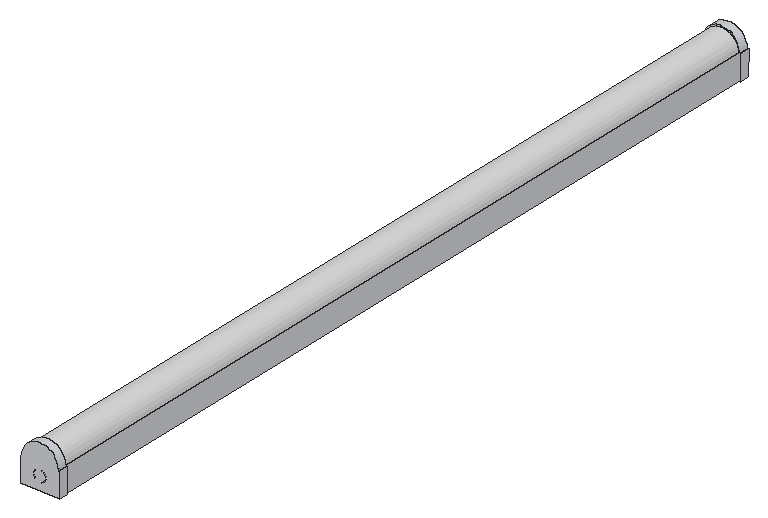
Revit family "0048930", category Lighting Fixtures, host Face, Revit 2017
Family settings
  Host = Face
  Round Connector Dimension = Use Diameter
  Part Type = Normal
  OmniClass Number = 23.80.70.00
  OmniClass Title = Lighting
  Cut with Voids When Loaded = No
  Light Source = Yes
  Shared = No
  Room Calculation Point = No
Parameters (values of type "0048930 WAYLINE 1500 5200LM 840 EM")
  Weight = "8.56 kg"
  Wattage Comments = ""
  Wattage = 41 W
  WarrantyStartDate [instance] = "n/a"
  WarrantyGuarantorParts = "n/a"
  WarrantyDurationUnit = "n/a"
  WarrantyDurationParts = "n/a"
  WarrantyDescription = "n/a"
  WIDTH/2_SYL = 35 mm
  built-in parameter 1150110 = 1 (stored number, unit not read)
  Voltage = 0 V
  URL = "http://www.sylvania-lighting.com"
  TypeName = "Wayline 1500 5200lm 840 EM"
  Type Image = <None>
  Type Comments = "n/a"
  built-in parameter 1114217 = 1 (stored number, unit not read)
  Tilt Angle = -90.00°
  built-in parameter 1150109 = 1 (stored number, unit not read)
  built-in parameter 1150134 = 12
  built-in parameter 1150113 = 1 (stored number, unit not read)
  SerialNumber [instance] = "n/a"
  R_HEIGHT_SYL = 44 mm
  Photometric Web File = "0048930.ies"
  Material_3_SYL = none
  PowerFactor = 1
  PowerConsumption = "41 W"
  NominalLength = 1523 mm
  NominalHeight = 76.5 mm
  NominalDepth = 70 mm
  Name = "Wayline 1500 5200lm 840 EM"
  ModelReference = Name  # "Wayline 1500 5200lm 840 EM"
  ModelNumber = "48930"
  Model = Name  # "Wayline 1500 5200lm 840 EM"
  Material = "steel housing, pc polycarbonate diffuser"
  ManufacturerName = "Feilo Sylvania"
  Manufacturer = "Feilo Sylvania"
  LuminousEfficacy = "127 lm/W"
  built-in parameter 1150105 = -7018723.6 (stored number, unit not read)
  Lumens = 5207 lm
  LuminaireType = ""
  built-in parameter 1150115 = 1 (stored number, unit not read)
  LightOutputRatio = "n/a"
  built-in parameter 1150137 = (empty or 0)
  built-in parameter 1150139 = (empty or 0)
  LampsType = Lamp  # "LED"
  LampNominalLuminous = "5200 lm"
  LampMacAdamStep = "5"
  LampColourTemperature = "4000 K"
  LampColourRenderingIndex = "80"
  built-in parameter 1150112 = 1 (stored number, unit not read)
  built-in parameter 1150114 = 1 (stored number, unit not read)
  Lamp = "LED"
  LUM_R_SYL = 30 mm
  Keynote = "16500"
  InstallationDate [instance] = "n/a"
  InputVoltage = "n/a"
  InputNominalFrequency = "n/a"
  built-in parameter 1150132 = (empty or 0)
  built-in parameter 1150102 = (empty or 0)
  built-in parameter 1150107 = 4000 (stored number, unit not read)
  built-in parameter 1150138 = (empty or 0)
  IngressProtection = "IP20"
  ImpactProtectionIndex = "IK08"
  built-in parameter 1150106 = -70187.2 (stored number, unit not read)
  IfcExportType = "IfcLightFixtureType"
  IfcExportAs = "IfcLightFixtureType"
  HOLE_HEIGHT_SYL = 24 mm
  HEIGHT_SYL = 76.5 mm
  GAP_SYL = 2.5 mm
  Emit from Circle Diameter = 609.6 mm
  Emit Shape Visible in Rendering = no
  ElectricShockClassification = "Class I"
  built-in parameter 1150104 = 11.799 (stored number, unit not read)
  DocumentationLiterature = "http://www.sylvania-lighting.com/product/en-int/products/0048930"
  DimmingControlOptions = "n/a"
  Material_2_SYL = none
  Dimming Lamp Color Temperature Shift = <None>
  Description = "LED batten, T8 replacement, ease of installation through 2 part push-in design of the housing (safety cable included), through wiring capability, steel housing, 5200lm, 41W, 127lm/W, 4000K, CRI80, 3 step MacAdam ellipse, symmetric wide beam angle, Class I, 90000 hrs L80B20 lifespan, non-dimmable driver, 3-hour maintained emergency batteries, IK08, IP20, 1523 x 70 x 76.5mm  (L x W x H) dimensions, 2.14kg."
  Default Elevation = 1219.2 mm
  CreatedOn = "5/25/2021"
  CreatedBy = "@sylvania-lighting.com"
  Cost = 0
  Color Filter = 16777215
  built-in parameter 1114216 [instance] = (empty or 0)
  ClassificationValue = "EF_70_80"
  ClassificationName = "Uniclass2015"
  Material_1_SYL = Dynamo
  BarCode [instance] = "n/a"
  built-in parameter 1114218 = 1 (stored number, unit not read)
  built-in parameter 1150133 = 10 (stored number, unit not read)
  AssetType = "Fixed"
  AssetIdentifier [instance] = "n/a"
  Assembly Code = "D5020200"
  Apparent Load = 41 VA
  Material_4_SYL = none
Types (8, lengths in mm): name | Weight | Wattage | TypeName | Photometric Web File | PowerFactor | PowerConsumption | Name | ModelReference | ModelNumber | Model | LuminousEfficacy | built-in parameter 1150105 | Lumens | LampNominalLuminous | built-in parameter 1150106 | built-in parameter 1150104 | DocumentationLiterature | Description | Apparent Load
  0048954 WAYLINE 1500 MWCOR 5200LM 840 | "8.28 kg" | 38 W | "Wayline 1500 MWCOR 5200lm 840" | "0048954.ies" | 0.9 | "38 W" | "Wayline 1500 MWCOR 5200lm 840" | "Wayline 1500 MWCOR 5200lm 840" | "48954" | "Wayline 1500 MWCOR 5200lm 840" | "137 lm/W" | -7017375.6 (stored number, unit not read) | 5206 lm | "5200 lm" | -70173.8 (stored number, unit not read) | 12.728 (stored number, unit not read) | "http://www.sylvania-lighting.com/product/en-int/products/0048954" | "LED batten, T8 replacement, ease of installation through 2 part push-in design of the housing (safety cable included), through wiring capability, steel housing, 5200lm, 38W, 137lm/W, 4000K, CRI80, 3 step MacAdam ellipse, symmetric wide beam angle, Class I, 90000 hrs L80B20 lifespan, non-dimmable driver, corridor function with microwave presence sensor, IK08, IP20, 1523 x 70 x 76.5mm  (L x W x H) dimensions, 2.07kg." | 38 VA
  0048935 WAYLINE 1500 MW 8400LM 840 | "7.76 kg" | 61 W | "Wayline 1500 MW 8400lm 840" | "0048935.ies" | 0.9 | "61 W" | "Wayline 1500 MW 8400lm 840" | "Wayline 1500 MW 8400lm 840" | "48935" | "Wayline 1500 MW 8400lm 840" | "138 lm/W" | -18329689.9 (stored number, unit not read) | 8418 lm | "8400 lm" | -183296.9 (stored number, unit not read) | 12.821 (stored number, unit not read) | "http://www.sylvania-lighting.com/product/en-int/products/0048935" | "LED batten, T8 replacement, ease of installation through 2 part push-in design of the housing (safety cable included), through wiring capability, steel housing, 8400lm, 61W, 138lm/W, 4000K, CRI80, 3 step MacAdam ellipse, symmetric wide beam angle, Class I, 90000 hrs L80B20 lifespan, non-dimmable driver, MW sensor for 360° detection up to 8m range at 6m mounting height, IK08, IP20, 1523 x 70 x 76.5mm (LxWxD) dimensions, 1.94kg weight." | 61 VA
  0048934 WAYLINE 1500 MW 5200LM 840 | "7.16 kg" | 37 W | "Wayline 1500 MW 5200lm 840" | "0048934.ies" | 0.9 | "37 W" | "Wayline 1500 MW 5200lm 840" | "Wayline 1500 MW 5200lm 840" | "48934" | "Wayline 1500 MW 5200lm 840" | "141 lm/W" | -7032203 (stored number, unit not read) | 5217 lm | "5200 lm" | -70322 (stored number, unit not read) | 13.099 (stored number, unit not read) | "http://www.sylvania-lighting.com/product/en-int/products/0048934" | "LED batten, T8 replacement, ease of installation through 2 part push-in design of the housing (safety cable included), through wiring capability, steel housing, 5200lm, 37W, 141lm/W, 4000K, CRI80, 3 step MacAdam ellipse, symmetric wide beam angle, Class I, 90000 hrs L80B20 lifespan, non-dimmable driver, MW sensor for 360° detection up to 8m range at 6m mounting height, IK08, IP20, 1523 x 70 x 76.5mm (LxWxD) dimensions, 1.79kg weight." | 37 VA
  0048931 WAYLINE 1500 8400LM 840 EM | "9.16 kg" | 64 W | "Wayline 1500 8400lm 840 EM" | "0048931.ies" | 1 | "64 W" | "Wayline 1500 8400lm 840 EM" | "Wayline 1500 8400lm 840 EM" | "48931" | "Wayline 1500 8400lm 840 EM" | "131 lm/W" | -18255657 (stored number, unit not read) | 8384 lm | "8400 lm" | -182556.6 (stored number, unit not read) | 12.17 (stored number, unit not read) | "http://www.sylvania-lighting.com/product/en-int/products/0048931" | "LED batten, T8 replacement, ease of installation through 2 part push-in design of the housing (safety cable included), through wiring capability, steel housing, 8400lm, 64W, 131lm/W, 4000K, CRI80, 3 step MacAdam ellipse, symmetric wide beam angle, Class I, 90000 hrs L80B20 lifespan, non-dimmable driver, 3-hour maintained emergency batteries, IK08, IP20, 1523 x 70 x 76.5mm  (L x W x H) dimensions, 2.29kg." | 64 VA
  0048930 WAYLINE 1500 5200LM 840 EM | "8.56 kg" | 41 W | "Wayline 1500 5200lm 840 EM" | "0048930.ies" | 1 | "41 W" | "Wayline 1500 5200lm 840 EM" | "Wayline 1500 5200lm 840 EM" | "48930" | "Wayline 1500 5200lm 840 EM" | "127 lm/W" | -7018723.6 (stored number, unit not read) | 5207 lm | "5200 lm" | -70187.2 (stored number, unit not read) | 11.799 (stored number, unit not read) | "http://www.sylvania-lighting.com/product/en-int/products/0048930" | "LED batten, T8 replacement, ease of installation through 2 part push-in design of the housing (safety cable included), through wiring capability, steel housing, 5200lm, 41W, 127lm/W, 4000K, CRI80, 3 step MacAdam ellipse, symmetric wide beam angle, Class I, 90000 hrs L80B20 lifespan, non-dimmable driver, 3-hour maintained emergency batteries, IK08, IP20, 1523 x 70 x 76.5mm  (L x W x H) dimensions, 2.14kg." | 41 VA
  0048927 WAYLINE 1500 DALI 8300LM 840 | "8.0 kg" | 60 W | "Wayline 1500 DALI 8300lm 840" | "0048927.ies" | 0.9 | "60 W" | "Wayline 1500 DALI 8300lm 840" | "Wayline 1500 DALI 8300lm 840" | "48927" | "Wayline 1500 DALI 8300lm 840" | "138 lm/W" | -17814585.6 (stored number, unit not read) | 8280 lm | "8300 lm" | -178145.9 (stored number, unit not read) | 12.821 (stored number, unit not read) | "http://www.sylvania-lighting.com/product/en-int/products/0048927" | "LED batten, T8 replacement, ease of installation through 2 part push-in design of the housing (safety cable included), through wiring capability, steel housing, 8300lm, 60W, 138lm/W, 4000K, CRI80, 3 step MacAdam ellipse, symmetric wide beam angle, Class I, 90000 hrs L80B20 lifespan, DALI dimmable driver, IK08, IP20, 1523 x 70 x 76.5mm (LxWxD) dimensions, 2kg weight." | 60 VA
  0048926 WAYLINE 1500 DALI 5200LM 840 | "8.0 kg" | 37 W | "Wayline 1500 DALI 5200lm 840" | "0048926.ies" | 0.9 | "37 W" | "Wayline 1500 DALI 5200lm 840" | "Wayline 1500 DALI 5200lm 840" | "48926" | "Wayline 1500 DALI 5200lm 840" | "141 lm/W" | -7032203 (stored number, unit not read) | 5217 lm | "5200 lm" | -70322 (stored number, unit not read) | 13.099 (stored number, unit not read) | "http://www.sylvania-lighting.com/product/en-int/products/0048926" | "LED batten, T8 replacement, ease of installation through 2 part push-in design of the housing (safety cable included), through wiring capability, steel housing, 5200lm, 37W, 141lm/W, 4000K, CRI80, 3 step MacAdam ellipse, symmetric wide beam angle, Class I, 90000 hrs L80B20 lifespan, DALI dimmable driver, IK08, IP20, 1523 x 70 x 76.5mm (LxWxD) dimensions, 2kg weight." | 37 VA
  0048955 WAYLINE 1500 MWCOR 8300LM 840 | "8.28 kg" | 61 W | "Wayline 1500 MWCOR 8300lm 840" | "0048955.ies" | 0.9 | "61 W" | "Wayline 1500 MWCOR 8300lm 840" | "Wayline 1500 MWCOR 8300lm 840" | "48955" | "Wayline 1500 MWCOR 8300lm 840" | "136 lm/W" | -17849009.9 (stored number, unit not read) | 8296 lm | "8300 lm" | -178490.1 (stored number, unit not read) | 12.635 (stored number, unit not read) | "http://www.sylvania-lighting.com/product/en-int/products/0048955" | "LED batten, T8 replacement, ease of installation through 2 part push-in design of the housing (safety cable included), through wiring capability, steel housing, 8300lm, 61W, 136lm/W, 4000K, CRI80, 3 step MacAdam ellipse, symmetric wide beam angle, Class I, 90000 hrs L80B20 lifespan, non-dimmable driver, corridor function with microwave presence sensor, IK08, IP20, 1523 x 70 x 76.5mm  (L x W x H) dimensions, 2.07kg." | 61 VA
Reference planes
  plane 1 "Center (Front/Back)": y = 0
  plane 2: z = 0
  plane 3 "Center (Left/Right)": x = 0
  plane 4: z = 76.5
  plane 5: x = -35
  plane 6: x = 35
  plane 7: z = 44
  plane 8: x = -32.5
  plane 9: x = 32.5
  plane 10: z = 24
  plane 11: x = 2.5
  plane 12: x = -2.5
  plane 13: z = 26.5
  plane 14: z = 21.5
  plane 15: z = 74
Forms (mm)
  Extrusion 1, solid
    sketch origin (0, 0, 0) x (1, 0, 0) y (0, 0, 1)
      loop
        arc (32.5, 44) -> (0, 76.5) -> (-32.5, 44) r 32.5
        line (-32.5, 44) -> (-35, 44) -> (-35, 0) -> (35, 0) -> (35, 44) -> (32.5, 44)
      loop
        line (2.5, 34.712) -> (2.5, 33.682)
        arc (2.5, 33.682) -> (7.071, 31.071) -> (9.682, 26.5) r 10
        line (9.682, 26.5) -> (10.712, 26.5)
        arc (10.712, 26.5) -> (7.778, 31.778) -> (2.5, 34.712) r 11
      loop
        line (-2.5, 33.682) -> (-2.5, 34.712)
        arc (-2.5, 34.712) -> (-7.778, 31.778) -> (-10.712, 26.5) r 11
        line (-10.712, 26.5) -> (-9.682, 26.5)
        arc (-9.682, 26.5) -> (-7.071, 31.071) -> (-2.5, 33.682) r 10
      loop
        line (-9.682, 21.5) -> (-10.712, 21.5)
        arc (-10.712, 21.5) -> (-7.778, 16.222) -> (-2.5, 13.288) r 11
        line (-2.5, 13.288) -> (-2.5, 14.318)
        arc (-2.5, 14.318) -> (-7.071, 16.929) -> (-9.682, 21.5) r 10
      loop
        line (2.5, 14.318) -> (2.5, 13.288)
        arc (2.5, 13.288) -> (7.778, 16.222) -> (10.712, 21.5) r 11
        line (10.712, 21.5) -> (9.682, 21.5)
        arc (9.682, 21.5) -> (7.071, 16.929) -> (2.5, 14.318) r 10
    from 745.5 to 761.5
  Extrusion 2, solid, material "Dynamo" <- "Material_1_SYL"
    sketch origin (0, 0, 0) x (1, 0, 0) y (0, 0, 1)
      loop
        line (-30, 44) -> (30, 44)
        arc (30, 44) -> (0, 74) -> (-30, 44) r 30
    from -745.5 to 745.5
  Extrusion 3, solid
    sketch origin (0, 0, 0) x (1, 0, 0) y (0, 0, 1)
      loop
        line (-32.5, 44) -> (-32.5, 0) -> (32.5, 0) -> (32.5, 44) -> (-32.5, 44)
    from -745.5 to 745.5
  Extrusion 4, solid
    sketch origin (0, 0, 0) x (1, 0, 0) y (0, 0, -1)
      loop
        line (32.5, -44) -> (35, -44) -> (35, 0) -> (-35, 0) -> (-35, -44) -> (-32.5, -44)
        arc (-32.5, -44) -> (0, -76.5) -> (32.5, -44) r 32.5
      loop
        arc (2.5, -34.712) -> (7.778, -31.778) -> (10.712, -26.5) r 11
        line (10.712, -26.5) -> (9.682, -26.5)
        arc (9.682, -26.5) -> (7.071, -31.071) -> (2.5, -33.682) r 10
        line (2.5, -33.682) -> (2.5, -34.712)
      loop
        arc (-2.5, -33.682) -> (-7.071, -31.071) -> (-9.682, -26.5) r 10
        line (-9.682, -26.5) -> (-10.712, -26.5)
        arc (-10.712, -26.5) -> (-7.778, -31.778) -> (-2.5, -34.712) r 11
        line (-2.5, -34.712) -> (-2.5, -33.682)
      loop
        arc (-9.682, -21.5) -> (-7.071, -16.929) -> (-2.5, -14.318) r 10
        line (-2.5, -14.318) -> (-2.5, -13.288)
        arc (-2.5, -13.288) -> (-7.778, -16.222) -> (-10.712, -21.5) r 11
        line (-10.712, -21.5) -> (-9.682, -21.5)
      loop
        arc (2.5, -14.318) -> (7.071, -16.929) -> (9.682, -21.5) r 10
        line (9.682, -21.5) -> (10.712, -21.5)
        arc (10.712, -21.5) -> (7.778, -16.222) -> (2.5, -13.288) r 11
        line (2.5, -13.288) -> (2.5, -14.318)
    from 745.5 to 761.5
Dimensions and locks
  "HEIGHT_SYL": plane 4 to host face
  "WIDTH/2_SYL": plane 6 to plane 3 "Center (Left/Right)" to plane 5
  "R_HEIGHT_SYL": plane 7 to host face
  "GAP_SYL": plane 8 to plane 5
  "GAP_SYL": plane 6 to plane 9
  "HOLE_HEIGHT_SYL": plane 10 to host face
  "GAP_SYL": plane 13 to plane 10 to plane 14
  "GAP_SYL": plane 11 to plane 3 "Center (Left/Right)" to plane 12
  "LUM_R_SYL": plane 15 to plane 7
  aligned and locked: plane 2 to host face
  aligned and locked: level to host face
Automatic sketch dimensions
  host sketch curve to host sketch curve = 2438.4 mm  (x2)
  Extrusion 1 sketch curve to Extrusion 1 sketch curve = 0 mm  (x58)
  Extrusion 1 sketch curve to level = 0 mm
  Extrusion 1 sketch curve to plane 5 = 0 mm
  Extrusion 1 sketch curve to plane 7 = 0 mm
  Extrusion 1 sketch curve to plane 8 = 0 mm
  Extrusion 1 sketch curve to plane 13 = 0 mm  (x2)
  Extrusion 1 sketch curve to plane 14 = 0 mm  (x2)
  Extrusion 1 sketch curve to plane 12 = 0 mm  (x2)
  Extrusion 1 sketch curve to plane 3 "Center (Left/Right)" = 0 mm  (x2)
  Extrusion 1 sketch curve to plane 11 = 0 mm  (x2)
  Extrusion 1 sketch curve to plane 6 = 0 mm
  Extrusion 1 sketch curve to plane 10 = 0 mm
  Extrusion 1 sketch curve to plane 12 = 8.212 mm
  Extrusion 1 sketch curve to Extrusion 1 sketch curve = 1.03 mm  (x4)
  plane 11 to Extrusion 1 sketch curve = 7.182 mm
  Extrusion 2 sketch curve to plane 7 = 0 mm
  Extrusion 2 sketch curve to plane 3 "Center (Left/Right)" = 0 mm
  plane 8 to Extrusion 2 sketch curve = 2.5 mm
  Extrusion 3 sketch curve to level = 0 mm
  Extrusion 3 sketch curve to plane 8 = 0 mm
  Extrusion 3 sketch curve to plane 9 = 0 mm
  Extrusion 3 sketch curve to plane 7 = 0 mm
  Extrusion 4 sketch curve to Extrusion 4 sketch curve = 0 mm  (x58)
  Extrusion 4 sketch curve to level = 0 mm
  Extrusion 4 sketch curve to plane 5 = 0 mm
  Extrusion 4 sketch curve to plane 7 = 0 mm
  Extrusion 4 sketch curve to plane 8 = 0 mm
  Extrusion 4 sketch curve to plane 13 = 0 mm  (x2)
  Extrusion 4 sketch curve to plane 14 = 0 mm  (x2)
  Extrusion 4 sketch curve to plane 12 = 0 mm  (x2)
  Extrusion 4 sketch curve to plane 3 "Center (Left/Right)" = 0 mm  (x2)
  Extrusion 4 sketch curve to plane 11 = 0 mm  (x2)
  Extrusion 4 sketch curve to plane 6 = 0 mm
  Extrusion 4 sketch curve to plane 10 = 0 mm
  Extrusion 4 sketch curve to plane 12 = 8.212 mm
  Extrusion 4 sketch curve to Extrusion 4 sketch curve = 1.03 mm  (x4)
  plane 11 to Extrusion 4 sketch curve = 7.182 mm
Connectors
  electrical at (0, -761.5, 29.333)
    settings: on Extrusion 1, index 1, voltage 0 V, apparent load 0 VA, apparent load phase1 0 VA, apparent load phase2 0 VA, apparent load phase3 0 VA, power factor 1, load classification "Other", number of poles 1, system type 31, power factor state 1, is connector primary yes, connector utility no, sub classification motor no, connector description ""
